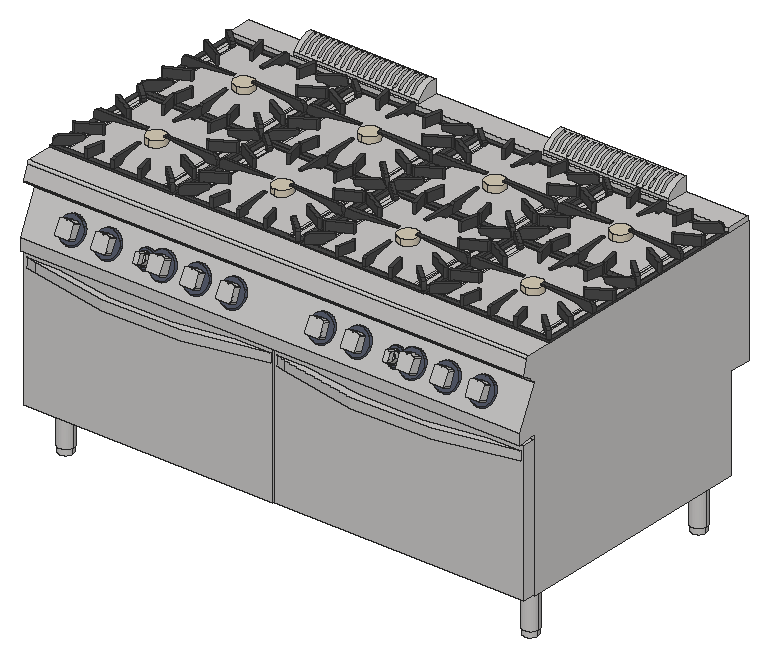
Revit family "QF_ZANUSSI_392017_Z9GCGP8SG0", category Specialty Equipment, Revit 2018 (continued)
Definition of nested family "QF_392017_BURNER"
  Automatic sketch dimensions
    Extrusion 7 sketch curve to Extrusion 7 sketch curve = 9.845 mm  (x2)
    Extrusion 7 sketch curve to Extrusion 7 sketch curve = 3.99 mm  (x2)
    Extrusion 7 sketch curve to Extrusion 7 sketch curve = 0 mm  (x2)
    Extrusion 7 sketch curve to Extrusion 7 sketch curve = 21.306 mm
    Extrusion 7 sketch curve to plane 10 = 64.377 mm  (x2)
    Extrusion 7 sketch curve to Extrusion 7 sketch curve = 326.397 mm
    Extrusion 7 sketch curve to plane 6 "TOP" = 28.141 mm
    Extrusion 7 sketch curve to Extrusion 7 sketch curve = 16.281 mm
    Extrusion 7 sketch curve to Extrusion 7 sketch curve = 1.035 mm
    Extrusion 7 sketch curve to Extrusion 7 sketch curve = 19.417 mm
    Extrusion 7 sketch curve to Extrusion 7 sketch curve = 7.281 mm
    Extrusion 7 sketch curve to Extrusion 7 sketch curve = 10.713 mm
    curve 58 to curve 12 = 72.824 mm
    curve 30 to curve 30 = 73.227 mm
    curve 58 to curve 5 = 10.263 mm
    curve 5 to curve 58 = 0 mm
    curve 59 to curve 30 = 10.263 mm
    curve 30 to curve 8 = 9.4 mm
    curve 31 to curve 32 = 0 mm
    curve 33 to curve 38 = 0 mm  (x2)
    curve 33 to curve 39 = 0 mm  (x2)
    curve 33 to curve 40 = 0 mm  (x2)
    plane 1 "BACK" to curve 41 = 0 mm
    curve 41 to plane 3 "LEFT" = 0 mm
    curve 31 to plane 7 "Center Y" = 0 mm
    curve 33 to plane 7 "Center Y" = 0 mm
    curve 41 to plane 4 "RIGHT" = 0 mm
    plane 3 "LEFT" to curve 76 = 1.326 mm
    plane 3 "LEFT" to curve 64 = 1.326 mm
    plane 3 "LEFT" to curve 44 = 2.995 mm
    plane 3 "LEFT" to curve 46 = 2.995 mm
    curve 43 to curve 43 = 2.408 mm
    curve 46 to curve 47 = 2.408 mm
    curve 47 to curve 47 = 2.408 mm
    curve 43 to curve 42 = 2.408 mm
    curve 76 to plane 5 "FRONT" = 0.514 mm
    plane 3 "LEFT" to curve 76 = 8.029 mm
    plane 1 "BACK" to curve 62 = 0.514 mm
    plane 3 "LEFT" to curve 62 = 8.029 mm
    curve 48 to curve 75 = 50.941 mm
    curve 43 to curve 63 = 50.941 mm
    curve 75 to curve 75 = 3.351 mm
    curve 63 to curve 63 = 3.351 mm
    plane 1 "BACK" to curve 62 = 52.383 mm
    curve 63 to curve 62 = 3.351 mm
    curve 74 to plane 5 "FRONT" = 52.383 mm
    curve 75 to curve 74 = 3.351 mm
    plane 3 "LEFT" to curve 46 = 65.629 mm
    plane 3 "LEFT" to curve 44 = 65.629 mm
    curve 45 to curve 45 = 2.408 mm
    curve 46 to curve 49 = 2.408 mm
    curve 49 to curve 48 = 2.408 mm
    curve 45 to curve 42 = 2.408 mm
    curve 38 to plane 8 "Center X" = 2.597 mm
    curve 38 to plane 7 "Center Y" = 51.172 mm
    curve 33 to plane 8 "Center X" = 2.597 mm
    curve 38 to curve 33 = 12.999 mm
    curve 33 to plane 7 "Center Y" = 5 mm
    curve 38 to plane 7 "Center Y" = 5 mm
    curve 31 to curve 33 = 0 mm
    plane 7 "Center Y" to curve 32 = 5 mm
    plane 7 "Center Y" to curve 40 = 5 mm
    curve 39 to curve 32 = 0 mm
    curve 39 to plane 8 "Center X" = 2.597 mm
    plane 7 "Center Y" to curve 39 = 38.172 mm
    curve 40 to plane 8 "Center X" = 2.704 mm
    curve 39 to curve 40 = 12.979 mm
    curve 50 to plane 4 "RIGHT" = 70.445 mm
    curve 57 to plane 4 "RIGHT" = 70.445 mm
    curve 50 to curve 53 = 2.408 mm
    curve 57 to curve 57 = 2.408 mm  (x2)
    curve 53 to curve 53 = 2.408 mm
    curve 71 to curve 71 = 3.351 mm
    curve 67 to curve 67 = 3.351 mm
    curve 71 to curve 69 = 3.351 mm
    curve 67 to curve 65 = 3.351 mm
    curve 60 to plane 4 "RIGHT" = 15 mm
    curve 72 to plane 5 "FRONT" = 0.514 mm
    curve 72 to plane 4 "RIGHT" = 8.029 mm
    plane 1 "BACK" to curve 68 = 0.514 mm
    curve 68 to plane 4 "RIGHT" = 8.029 mm
    curve 50 to plane 4 "RIGHT" = 7.81 mm
    curve 55 to plane 4 "RIGHT" = 7.81 mm
    curve 55 to curve 55 = 2.408 mm
    curve 50 to curve 51 = 2.408 mm
    curve 55 to plane 4 "RIGHT" = 2.995 mm
    curve 51 to plane 4 "RIGHT" = 2.995 mm
    curve 69 to plane 4 "RIGHT" = 1.326 mm
    curve 65 to plane 4 "RIGHT" = 1.326 mm
    curve 72 to plane 5 "FRONT" = 7.935 mm
    curve 60 to plane 5 "FRONT" = 20.286 mm
    curve 71 to curve 56 = 27.93 mm
    curve 73 to curve 48 = 27.93 mm
    curve 47 to curve 47 = 4.382 mm
    curve 55 to curve 55 = 4.382 mm
    curve 56 to plane 8 "Center X" = 55.651 mm
    curve 48 to plane 8 "Center X" = 55.651 mm
    curve 57 to curve 57 = 4.382 mm
    curve 49 to curve 49 = 4.382 mm
    curve 40 to plane 8 "Center X" = 44.773 mm
    curve 39 to curve 32 = 4.818 mm
    plane 8 "Center X" to curve 31 = 2.403 mm
    plane 8 "Center X" to curve 45 = 46.886 mm
    plane 8 "Center X" to curve 52 = 46.886 mm
    curve 53 to curve 53 = 4.382 mm
    curve 45 to curve 45 = 4.382 mm
    curve 53 to curve 52 = 34.416 mm
    curve 44 to curve 61 = 36.694 mm
    curve 43 to curve 43 = 4.382 mm
    curve 51 to curve 51 = 4.382 mm
    curve 51 to curve 65 = 27.93 mm
    plane 1 "BACK" to curve 83 = 20.286 mm
    plane 1 "BACK" to curve 88 = 15 mm
    plane 1 "BACK" to curve 77 = 15 mm
    curve 77 to curve 83 = 30.799 mm
    curve 78 to plane 5 "FRONT" = 15 mm
    curve 80 to curve 71 = 7.989 mm
    curve 78 to curve 60 = 30.799 mm
    curve 78 to curve 80 = 13.475 mm
    curve 55 to curve 79 = 10.979 mm
    curve 82 to curve 57 = 6.514 mm
    curve 80 to curve 78 = 0 mm
    curve 80 to curve 82 = 11.41 mm
    curve 77 to curve 66 = 37.77 mm
    curve 60 to curve 79 = 11.41 mm
    plane 8 "Center X" to curve 81 = 7.403 mm
    plane 8 "Center X" to curve 84 = 7.403 mm
    curve 82 to plane 8 "Center X" = 2.597 mm
    curve 82 to curve 84 = 0 mm
    curve 79 to plane 8 "Center X" = 2.597 mm
    curve 79 to curve 81 = 0 mm
    curve 81 to curve 51 = 10.979 mm
    curve 53 to curve 85 = 17.924 mm
    curve 84 to curve 81 = 30.799 mm
    curve 84 to curve 85 = 11.41 mm
    curve 52 to curve 84 = 19.83 mm
    curve 81 to curve 83 = 11.41 mm
    curve 67 to curve 85 = 7.989 mm
    curve 85 to curve 77 = 0 mm
    curve 85 to curve 77 = 13.475 mm
    curve 86 to curve 37 = 26.152 mm
    curve 4 to curve 86 = 10.263 mm
    curve 86 to curve 4 = 0 mm
    curve 36 to curve 21 = 26.152 mm
    curve 88 to curve 88 = 25 mm
    plane 8 "Center X" to curve 89 = 69.193 mm
    curve 43 to curve 90 = 9.597 mm
    curve 43 to curve 90 = 0.432 mm
    plane 1 "BACK" to curve 90 = 20.286 mm
    curve 93 to plane 8 "Center X" = 2.597 mm
    plane 8 "Center X" to curve 91 = 7.403 mm
    curve 95 to plane 8 "Center X" = 69.193 mm
    curve 93 to curve 94 = 28.333 mm
    curve 95 to curve 12 = 33.104 mm
    curve 21 to curve 87 = 10.263 mm
    curve 87 to curve 21 = 0 mm
    curve 91 to curve 90 = 11.41 mm
    curve 89 to curve 87 = 21.732 mm
    curve 89 to curve 92 = 11.41 mm
    curve 92 to curve 89 = 0 mm
    plane 8 "Center X" to curve 92 = 7.403 mm
    curve 91 to curve 90 = 0 mm
    curve 93 to curve 95 = 0 mm
    curve 93 to curve 95 = 11.41 mm
    curve 11 to curve 94 = 0 mm
    curve 11 to curve 94 = 11.41 mm
    curve 95 to curve 11 = 30.799 mm
    curve 95 to curve 12 = 13.475 mm
    plane 3 "LEFT" to curve 95 = 45.799 mm
    curve 95 to curve 5 = 33.104 mm
    Extrusion 8 sketch curve to Extrusion 3 = 5.275 mm  (x2)
    Extrusion 8 sketch curve to Extrusion 8 sketch curve = 1.125 mm  (x16)
    Extrusion 3 to Extrusion 8 sketch curve = 38.711 mm  (x2)
    Extrusion 8 sketch curve to Extrusion 3 = 7.19 mm  (x3)
    Extrusion 3 to Extrusion 8 sketch curve = 72.734 mm  (x2)
    Extrusion 8 sketch curve to Extrusion 8 sketch curve = 4.382 mm  (x16)
    Extrusion 8 sketch curve to Extrusion 3 = 2.995 mm  (x4)
    Extrusion 8 sketch curve to Extrusion 8 sketch curve = 34.416 mm  (x4)
    Extrusion 3 to Extrusion 8 sketch curve = 50.629 mm  (x3)
    Extrusion 8 sketch curve to Extrusion 8 sketch curve = 93.773 mm  (x2)
    Extrusion 3 to Extrusion 8 sketch curve = 40.96 mm  (x2)
    Extrusion 8 sketch curve to Extrusion 3 = 7.476 mm  (x2)
    Extrusion 8 sketch curve to Extrusion 8 sketch curve = 2.408 mm  (x4)
    Extrusion 3 to Extrusion 8 sketch curve = 91.634 mm  (x2)
    Extrusion 8 sketch curve to Extrusion 8 sketch curve = 4.872 mm  (x8)
    Extrusion 8 sketch curve to Extrusion 8 sketch curve = 11.182 mm  (x4)
    Extrusion 3 to Extrusion 8 sketch curve = 112.56 mm
    Extrusion 8 sketch curve to Extrusion 8 sketch curve = 61.931 mm
    Extrusion 3 to Extrusion 8 sketch curve = 55.445 mm
    Extrusion 8 sketch curve to Extrusion 8 sketch curve = 4.816 mm
    curve 67 to curve 85 = 19.656 mm
    curve 71 to curve 80 = 19.656 mm
    curve 99 to plane 5 "FRONT" = 7.524 mm
    curve 74 to curve 99 = 41.179 mm
    curve 98 to curve 99 = 4.872 mm
    curve 96 to plane 5 "FRONT" = 5.275 mm
    curve 99 to curve 96 = 4.872 mm
    curve 99 to curve 98 = 11.182 mm
    curve 98 to curve 97 = 4.872 mm
    curve 96 to plane 5 "FRONT" = 53.711 mm
    curve 97 to curve 96 = 4.872 mm
    curve 97 to curve 97 = 1.125 mm
    curve 103 to curve 70 = 62.105 mm
    curve 103 to curve 103 = 4.872 mm  (x2)
    curve 100 to plane 5 "FRONT" = 5.275 mm
    curve 100 to curve 100 = 11.182 mm
    curve 101 to curve 101 = 4.872 mm
    curve 102 to plane 5 "FRONT" = 7.524 mm
    curve 101 to curve 102 = 4.872 mm
    curve 100 to curve 100 = 48.436 mm
    curve 103 to curve 103 = 1.125 mm
    curve 106 to curve 67 = 62.105 mm
    curve 107 to curve 107 = 4.872 mm
    plane 1 "BACK" to curve 104 = 55.96 mm
    curve 107 to curve 104 = 4.872 mm
    plane 1 "BACK" to curve 105 = 5.275 mm
    curve 107 to curve 105 = 11.182 mm
    curve 105 to curve 105 = 4.872 mm  (x2)
    curve 107 to curve 107 = 1.125 mm
    plane 1 "BACK" to curve 104 = 7.524 mm
    plane 1 "BACK" to curve 109 = 7.524 mm
    curve 62 to curve 109 = 41.179 mm
    curve 109 to curve 109 = 4.872 mm
    plane 1 "BACK" to curve 108 = 5.275 mm
    curve 109 to curve 108 = 4.872 mm
    curve 110 to curve 111 = 11.182 mm
    curve 110 to curve 111 = 4.872 mm
    plane 1 "BACK" to curve 108 = 53.711 mm
    curve 111 to curve 108 = 4.872 mm
    curve 111 to curve 108 = 2.25 mm
    radius of Extrusion 4 sketch curve = 30 mm
